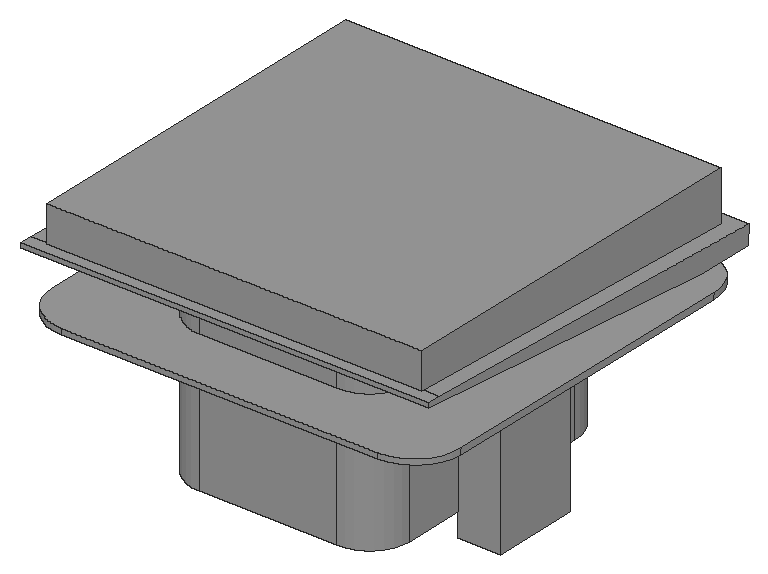
Revit family "Gira_126067", category Electrical Fixtures, host Face, Revit 2017
Family settings
  Host = Face
  Maintain Annotation Orientation = Yes
  Round Connector Dimension = Use Diameter
  Part Type = Normal
  Cut with Voids When Loaded = No
  Shared = No
  Room Calculation Point = No
Parameters (values of type "Door st. 1-g FM Gira TX_44 (WP FM) anthra.")
  With info label = "Yes"
  With cover = "Yes"
  With camera = "No"
  URL = "http://katalog.gira.de/en/datenblatt.html?artikelnr=126067"
  Protection against vandalism = "Yes"
  Number of call buttons = "1"
  Name = "Door st. 1-g FM Gira TX_44 (WP FM) anthra."
  Mounting method = "Flush mounted (plaster)"
  Modular construction = "Yes"
  Manufacturer URL = "https://www.gira.de/"
  Manufacturer = "Gira"
  Keynote = ""
  Installation technique = "Bus system"
  HeinzeBIM = "https://bimportal.heinze.de/bim/door-st-1-g-fm-gira-tx-44-wp-fm-anthra-/1d67b21f884796d133760babccd36f9e75bd4626"
  HAN = "126067"
  GTIN = "4010337260677"
  Description = "Door st.1g FM TX_44 AN,Door station, 1-gang,,anthracite,Features:,- Installation in a conventional flush-mounted device box.,- Fits in the cover frames of the Gira TX_44 switch range.,- Modular design, therefore easy installation and expandability with further components such as call buttons, info module, colour camera, Keyless In.,- Signal transmission and supply of the audio and video components via reverse-polarity-protected and short-circuit-proof 2-wire bus.,- One-man start-up with easy start-up procedure.,- Weather-resistant speaker.,- High-quality electret microphone.,- Speakerphone function (voice-controlled talk-back with echo and background noise suppression).,- Call button LED lamps, white light. Even, clearly visible call-button illumination is achieved via maintenance-free, energy-saving LED technology.,- Audible acknowledgement signal when a call button is pressed.,- Adjustable voice volume.,- Sprayed-water proof call-button cover plate made of shock-resistant plastic.,- Name plate of the call button can be exchanged without tools and without frame disassembly.,- Professional labelling is available from the Gira Inscription Service www.marking.gira.com or using the Gira inscription software.,- Binary input for connecting a zero-voltage push button (NO contact) as a call button.,- Call button, 1-gang"
  Default Elevation = 1219.2 mm
  Data sheet (1) = "https://katalog.gira.de/en/download.html?artikelnr=126067"
  Colour = "Anthracite"
  Category = "Door station door communication"
  BIM (1) = "https://media.stage.bim.site/public/gira/36a6b08/TX44_Komplettgerät_Schalten und Tasten.rfa?public/gira/36a6b08/TX44_Komplettgerät_Schalten und Tasten.rfa"
  Available = "No"
Reference planes
  plane 1 "Center (Front/Back)": y = 0
  plane 2 "Reference Level 0": z = 0
  plane 3 "Center (Left/Right)": x = 0
  plane 4: z = -28.6
Forms (mm)
  Extrusion 1, solid, material "Default", detail levels fine
    sketch origin (0, 0, 0) x (1, 0, 0) y (0, 1, 0)
      loop
        line (-32.604, 32.5) -> (-32.604, -32.5) -> (32.735, -32.5) -> (32.735, 32.5) -> (-32.604, 32.5)
    from 0 to 12.3
  Extrusion 2, solid, material "Default", detail levels fine
    sketch origin (0, 0, 0) x (0, 1, 0) y (0, 0, 1)
      loop
        line (35, 3.483) -> (-32.2, 6) -> (-34.55, 6) -> (-34.536, 5.199) -> (24.886, 0) -> (34.939, 0) -> (35, 3.483)
    from -35.5 to 35.5
  Extrusion 3, void
    sketch origin (0, 0, 0) x (0, 1, 0) y (0, 0, 1)
      loop
        line (42.419, 3.205) -> (-32.2, 6) -> (-42.193, 6) -> (-42.193, -11.826) -> (42.419, -11.826) -> (42.419, 3.205)
    from -64.194 to 61.264
  Extrusion 4, solid, material "Default", detail levels fine
    sketch origin (0, 0, 0) x (1, 0, 0) y (0, 1, 0)
      loop
        arc (35.5, 27.5) -> (33.157, 33.157) -> (27.5, 35.5) r 8
        line (27.5, 35.5) -> (-27.5, 35.5)
        arc (-27.5, 35.5) -> (-33.157, 33.157) -> (-35.5, 27.5) r 8
        line (-35.5, 27.5) -> (-35.5, -27.5)
        arc (-35.5, -27.5) -> (-33.157, -33.157) -> (-27.5, -35.5) r 8
        line (-27.5, -35.5) -> (27.5, -35.5)
        arc (27.5, -35.5) -> (33.157, -33.157) -> (35.5, -27.5) r 8
        line (35.5, -27.5) -> (35.5, 27.5)
    from -4.1 to -5.1
  Extrusion 5, solid, material "Default", detail levels fine
    sketch origin (0, 0, 0) x (1, 0, 0) y (0, 1, 0)
      loop
        arc (-12, 25) -> (-16.95, 22.95) -> (-19, 18) r 7
        line (-19, 18) -> (-19, -18)
        arc (-19, -18) -> (-16.95, -22.95) -> (-12, -25) r 7
        line (-12, -25) -> (12, -25)
        arc (12, -25) -> (16.95, -22.95) -> (19, -18) r 7
        line (19, -18) -> (19, 18)
        arc (19, 18) -> (16.95, 22.95) -> (12, 25) r 7
        line (12, 25) -> (-12, 25)
    from 4.692 to -28.6
  Extrusion 6, solid, material "Default", detail levels fine
    sketch origin (0, 0, 0) x (1, 0, 0) y (0, 1, 0)
      loop
        line (-26.5, -7.5) -> (-19, -7.5) -> (-19, 7.5) -> (-26.5, 7.5) -> (-26.5, -7.5)
    from -5.1 to -32.6
  Extrusion 7, solid, material "Default", detail levels fine
    sketch origin (0, 0, 0) x (-1, 0, 0) y (0, -1, 0)
      loop
        line (-26.5, 7.5) -> (-26.5, -7.5) -> (-19, -7.5) -> (-19, 7.5) -> (-26.5, 7.5)
    from -5.1 to -32.6
  Extrusion 8, solid, material "Default", detail levels medium
    sketch origin (0, 0, 0) x (1, 0, 0) y (0, 1, 0)
      loop
        line (-32.604, 32.5) -> (-32.604, -32.5) -> (32.735, -32.5) -> (32.735, 32.5) -> (-32.604, 32.5)
    from 0 to 12.3
  Extrusion 9, solid, material "Default", detail levels medium
    sketch origin (0, 0, 0) x (0, 1, 0) y (0, 0, 1)
      loop
        line (35, 3.483) -> (-32.2, 6) -> (-34.55, 6) -> (-34.445, 0) -> (34.939, 0) -> (35, 3.483)
    from -35.5 to 35.5
  Extrusion 10, solid, material "Default", detail levels medium
    sketch origin (0, 0, 0) x (1, 0, 0) y (0, 1, 0)
      loop
        line (-26.5, 25) -> (-26.5, -25) -> (26.5, -25) -> (26.5, 25) -> (-26.5, 25)
    from 4.692 to -32.6
  Extrusion 11, solid, material "Default", detail levels medium
    sketch origin (0, 0, 0) x (1, 0, 0) y (0, 1, 0)
      loop
        line (35.5, 35.5) -> (-35.5, 35.5) -> (-35.5, -35.5) -> (35.5, -35.5) -> (35.5, 35.5)
    from -4.1 to -5.1
  Extrusion 12, solid, material "Default", detail levels coarse
    sketch origin (0, 0, 0) x (1, 0, 0) y (0, 1, 0)
      loop
        line (35.5, 35.5) -> (-35.5, 35.5) -> (-35.5, -35.5) -> (35.5, -35.5) -> (35.5, 35.5)
    from -32.6 to 12.3
Cuts and joins
  Extrusion 3 cuts Extrusion 1
  joined: Extrusion 1, Extrusion 2, Extrusion 4, Extrusion 5, Extrusion 6, Extrusion 7
Dimensions and locks
  Extrusion 12 to Extrusion 12 = 44.9 mm
  aligned and locked: plane 2 "Reference Level 0" to host face
  aligned and locked: level to host face
  aligned and locked: plane 3 "Center (Left/Right)" to nested 1
  aligned and locked: plane 1 "Center (Front/Back)" to nested 1
Nested families
  nested 1: "Schalter" at (0, 0, 0), type "Schalter"
Connectors
  electrical at (0, 0, -32.6)
    settings: on Extrusion 12, index 1, voltage 220 V, apparent load 0 VA, apparent load phase1 0 VA, apparent load phase2 0 VA, apparent load phase3 0 VA, power factor 1, load classification "Other", number of poles 1, system type 30, power factor state 1, is connector primary yes, connector utility no, sub classification motor no, connector description ""
Definition of nested family "Schalter"
  Reference planes
    plane 1: y = 0
    plane 2: x = 0
  Lines and regions (mm)
    detail lines
      curve 1: circle (1.375, 2.778, 0) r 0.8 normal (0, 0, 1)
      curve 2: line (1.021, 2.061, 0) -> (0, 0, 0)
      curve 3: line (0, 0, 0) -> (-0.538, 0.266, 0)
  Dimensions and locks
    curve 2 to curve 2 = 2.3 mm
    curve 3 to curve 2 = 0.6 mm
    radius of curve 1 = 0.8 mm
